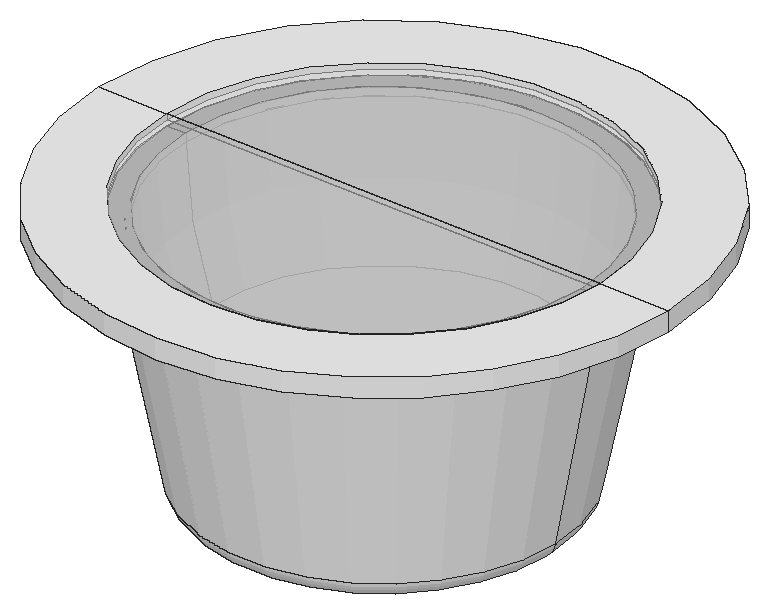
Revit family "2060545+2028034 Sylvania Lighting Fixture ASCENT 100 II ARCH 1000 4K STD 160 with IP44 Clear Glass", category Lighting Fixtures, host Face, Revit 2016
Family settings
  Host = Face
  Part Type = Normal
  Round Connector Dimension = Use Diameter
  OmniClass Number = 23.80.70.11.17
  OmniClass Title = Specialized Lighting by Location or Use
  Cut with Voids When Loaded = No
  Light Source = Yes
  Shared = No
  Room Calculation Point = No
Parameters (values of type "2060545+2028034 ASCT100 II ARCH 1000 4K STD 160 with IP44 Clear Glass")
  WidthBezelAcc_SYL = 25.0 mm
  Weight = "1.2 kg"
  Wattage = 7 W
  WarrantyStartDate [instance] = "n/a"
  WarrantyGuarantorParts = "n/a"
  WarrantyDurationUnit = "n/a"
  WarrantyDurationParts = "n/a"
  WarrantyDescription = "n/a"
  built-in parameter 1150110 = 1 (stored number, unit not read)
  Voltage = 0 V
  VisibilityAccessory_SYL = yes
  TypeName = "ASCENT 100 II ARCH 1000 4K STD 160"
  built-in parameter 1114217 = 1 (stored number, unit not read)
  Tilt Angle = -90°
  built-in parameter 1150109 = 1 (stored number, unit not read)
  built-in parameter 1150134 = 12
  built-in parameter 1150113 = 1 (stored number, unit not read)
  SerialNumber [instance] = "n/a"
  ReflectorRadius_SYL = Radius_SYL - 14.5 mm  # 80.0 mm
  RadiusAcc_SYL = 105.0 mm
  Radius_SYL = 94.5 mm
  URL = "http://www.sylvania-lighting.com"
  PowerFactor = 0
  PowerConsumption = "7 W"
  Photometric Web File = "2060545.ies"
  NominalWidth = 0.0 mm
  NominalLength = 0.0 mm
  NominalHeight = 94.0 mm
  Name = "ASCENT 100 II ARCH 1000 4K STD 160"
  ModelReference = "ASCENT 100 II ARCH 1000 4K STD 160"
  ModelNumber = "2060545+2028034"
  Material_4_SYL = none
  Material_3_SYL = Polycarbonate_Sylvania_Ascent_Clear
  Material_2_SYL = Aluminium_Sylvania_Ascent_Silver
  Material_1_SYL = Aluminum_Sylvania_Ascent_White
  Material = "aluminium housing, arcylic diffuser"
  ManufacturerName = "Feilo Sylvania"
  LuminousEfficacy = "144 lm/W"
  built-in parameter 1150105 = 80.214 (stored number, unit not read)
  Lumens = 1008 lm
  LuminaireType = ""
  built-in parameter 1150115 = 1 (stored number, unit not read)
  LightOutputRatio = "100"
  built-in parameter 1150137 = (empty or 0)
  built-in parameter 1150139 = (empty or 0)
  LampsType = Lamp  # "LED"
  LampNominalLuminous = "1009 lm"
  LampMacAdamStep = "3"
  LampColourTemperature = "4000 K"
  LampColourRenderingIndex = "80"
  built-in parameter 1150112 = 1 (stored number, unit not read)
  built-in parameter 1150114 = 1 (stored number, unit not read)
  Keynote = "16500"
  InstallationDate [instance] = "n/a"
  InputVoltage = "n/a"
  InputNominalFrequency = "n/a"
  built-in parameter 1150132 = (empty or 0)
  built-in parameter 1150102 = (empty or 0)
  built-in parameter 1150107 = 4000 (stored number, unit not read)
  built-in parameter 1150138 = (empty or 0)
  IngressProtection = "IP44"
  ImpactProtectionIndex = "IK02"
  built-in parameter 1150106 = 0.80214 (stored number, unit not read)
  IfcExportType = "IfcLightFixtureType"
  IfcExportAs = "IfcLightFixtureType"
  Height_SYL = 94.0 mm
  HeightAcc_SYL = 7.0 mm
  ExpectedLife = 50000
  EmittionSurface_SYL = if(VisibilityAccessory_SYL, 7.0 mm, 3.0 mm)  # 7.0 mm
  Emit from Circle Diameter = DiffuserRadius_SYL * 2  # 146.0 mm
  Emit Shape Visible in Rendering = no
  ElectricShockClassification = "Class II"
  built-in parameter 1150104 = 13.378 (stored number, unit not read)
  DurationUnit = "hours"
  DocumentationLiterature = "http://www.sylvania-lighting.com/product/en-int/products/2060545"
  DimmingControlOptions = "n/a"
  Dimming Lamp Color Temperature Shift = <None>
  DiffuserRadius_SYL = ReflectorRadius_SYL - 7.0 mm  # 73.0 mm
  Diameter_SYL = 2 * Radius_SYL  # 189.0 mm
  CutoutDiameter_SYL = Diameter_SYL - 13.0 mm  # 176.0 mm
  CreatedOn = "9/17/2018"
  CreatedBy = "@sylvania-lighting.com"
  Color Filter = 16777215
  built-in parameter 1114216 [instance] = 1 (stored number, unit not read)
  Model = "ASCENT 100 II ARCH 1000 4K STD 160"
  Manufacturer = "Feilo Sylvania"
  Lamp = "LED"
  Description = "Direct LED retro fit for original LED 100 Arch (160) single CFL lamp offering Matching lumen levels and improved light distribution of original LED 100 CFL lamp equivalents Typically half the power consumption compared to CFL Up to 112lm/W 160mm aperture Architectural reflector accepts range of glass accessories from existing LED 100 Arch 160 offering HE, HO and VHO versions equivalent of single 1 x 18W, 1 x 32W, 1 x 42W\r\n Additional VVHO versions which offer the performance circa 2 x 32W equivalent"  # constant formula
  Default Elevation = 0.0 mm
  built-in parameter 1140040 [instance] = 1
  BarCode [instance] = "n/a"
  built-in parameter 1114218 = 1 (stored number, unit not read)
  built-in parameter 1150133 = 10 (stored number, unit not read)
  AssetType = "Fixed"
  AssetIdentifier [instance] = "n/a"
  Assembly Code = "D5020200"
  Apparent Load = 7 VA
  Aperture_SYL = 2 * ReflectorRadius_SYL  # 160.0 mm
Reference planes
  plane 1 "Center (Front/Back)": y = 0
  plane 2: z = 0
  plane 3 "Center (Left/Right)": x = 0
  plane 4 "Fixture Bottom": z = 3
  plane 5: z = -52.5
  plane 6 "Fixture Top": z = -91
  plane 7: x = -105
  plane 8: z = 7
  plane 9: x = -80
  plane 10: z = 5
  plane 11: x = -103
Forms (mm)
  Extrusion 1, solid, material "Aluminum_Sylvania_Ascent_White", detail levels fine
    sketch origin (0, 0, 0) x (1, 0, 0) y (0, 1, 0)
      loop
        circle (0, 0) r 94.5
      loop
        circle (0, 0) r 80
    from 0 to 3
  Extrusion 2, void
    sketch origin (0, 0, 0) x (1, 0, 0) y (0, 1, 0)
      loop
        circle (0, 0) r 88
    from -91 to 3
  Revolve 3, solid, material "Aluminum_Sylvania_Ascent_White" <- "Material_1_SYL", detail levels fine
    sketch origin (0, 0, 0) x (1, 0, 0) y (0, 0, 1)
      loop
        line (0, -91.073) -> (0, -89.023) -> (-55.468, -89.014)
        arc (-55.468, -89.014) -> (-59.352, -87.613) -> (-61.54, -84.139) r 6.307
        line (-61.54, -84.139) -> (-77.991, -2.844) -> (-77.991, 0) -> (-80, 0) -> (-80, -3) -> (-63.5, -84.536)
        arc (-63.5, -84.536) -> (-60.643, -89.203) -> (-55.5, -91.073) r 8.291
        line (-55.5, -91.073) -> (0, -91.073)
      axis (0, 0) -> (0, -91.073)
    angle from 0 to 360
  Revolve 4, solid, material "Aluminium_Sylvania_Ascent_Silver" <- "Material_2_SYL", detail levels fine
    sketch origin (0, 0, 0) x (1, 0, 0) y (0, 0, 1)
      loop
        line (-80, 3) -> (-80, 0) -> (-75, 0)
        arc (-75, 0) -> (-72.349, -26.77) -> (-64.5, -52.5) r 136.5
        line (-64.5, -52.5) -> (-58, -52.5)
        arc (-58, -52.5) -> (-56.857, -61.521) -> (-53.5, -69.971) r 36.166
        line (-53.5, -69.971) -> (0, -69.971) -> (0, -50.5) -> (-63.16, -50.5)
        arc (-63.16, -50.5) -> (-70.517, -25.725) -> (-73, 0) r 134.5
        line (-73, 0) -> (-73, 3) -> (-80, 3)
      axis (0, 3) -> (0, -69.971)
    angle from 0 to 360
  Extrusion 5, solid, material "Polycarbonate_Sylvania_Ascent_Clear" <- "Material_3_SYL", detail levels fine
    sketch origin (0, 0, 0) x (1, 0, 0) y (0, 1, 0)
      loop
        circle (0, 0) r 73
    from 0 to 3
  Revolve 6, solid, material "Aluminum_Sylvania_Ascent_White" <- "Material_1_SYL", detail levels coarse+medium
    sketch origin (0, 0, 0) x (1, 0, 0) y (0, 0, 1)
      loop
        line (0, -91.073) -> (0, 3) -> (-94.5, 3) -> (-94.5, 0) -> (-79.5, 0) -> (-79.5, -3) -> (-63, -84.536)
        arc (-63, -84.536) -> (-60.143, -89.203) -> (-55, -91.073) r 8.291
        line (-55, -91.073) -> (0, -91.073)
      axis (0, 3) -> (0, -91.073)
    angle from 0 to 360
  Revolve 7, solid, material "Aluminum_Sylvania_Ascent_White" <- "Material_1_SYL", visible <- "VisibilityAccessory_SYL"
    sketch origin (0, 0, 0) x (1, 0, 0) y (0, 0, 1)
      loop
        line (-105, 0) -> (-103, 0) -> (-103, 5) -> (-80, 5) -> (-80, 7) -> (-105, 7) -> (-105, 0)
      axis (0, 7) -> (0, 0)
    angle from 0 to 360
  Revolve 8, solid, material "Polycarbonate_Sylvania_Ascent_Clear" <- "Material_3_SYL", visible <- "VisibilityAccessory_SYL"
    sketch origin (0, 0, 0) x (1, 0, 0) y (0, 0, 1)
      loop
        line (-80, 7) -> (-80, 5) -> (0, 5) -> (0, 7) -> (-80, 7)
      axis (0, 7) -> (0, 5)
    angle from 0 to 360
Lines and regions (mm)
  reference lines
    curve 1: line (-150, 0, 7) -> (125, 0, 7)
Dimensions and locks
  locked: plane 4 "Fixture Bottom" to plane 2 at 3
  "Height_SYL": plane 4 "Fixture Bottom" to plane 6 "Fixture Top"
  "ReflectorRadius_SYL": plane 3 "Center (Left/Right)" to Revolve 4 sketch curve
  locked: Revolve 4 sketch curve to Revolve 4 sketch curve at 15.5
  locked: Revolve 4 sketch curve to Revolve 4 sketch curve at 5
  locked: Revolve 4 sketch curve to Revolve 4 sketch curve at 7
  locked: Revolve 4 sketch curve to Revolve 4 sketch curve at 22
  locked: Revolve 4 sketch curve to Revolve 4 sketch curve at 26.5
  locked: Revolve 3 sketch curve to Revolve 3 sketch curve at 16.5
  locked: Revolve 3 sketch curve to Revolve 3 sketch curve at 24.5
  "ReflectorRadius_SYL": Revolve 3 sketch curve to plane 3 "Center (Left/Right)"
  locked: Revolve 3 sketch curve to plane 6 "Fixture Top" at 6.464
  locked: plane 2 to Revolve 3 sketch curve at 3
  locked: Revolve 3 sketch curve to Revolve 3 sketch curve at 2
  locked: Revolve 3 sketch curve to Revolve 3 sketch curve at 2.009
  locked: plane 2 to plane 5 at 52.5
  locked: Revolve 6 sketch curve to Revolve 6 sketch curve at 31.5
  locked: Revolve 6 sketch curve to Revolve 6 sketch curve at 39.5
  locked: Revolve 6 sketch curve to Revolve 6 sketch curve at 15
  "Radius_SYL": plane 3 "Center (Left/Right)" to Revolve 6 sketch curve
  "RadiusAcc_SYL": plane 3 "Center (Left/Right)" to plane 7
  "HeightAcc_SYL": plane 8 to level
  "WidthBezelAcc_SYL": plane 7 to plane 9
  locked: plane 7 to plane 11 at 2
  locked: plane 8 to plane 10 at 2
  "EmittionSurface_SYL": curve 1 to level
  "CutoutDiameter_SYL": diameter of Extrusion 2 sketch curve
  "ReflectorRadius_SYL": radius of Extrusion 1 sketch curve
  "DiffuserRadius_SYL": radius of Extrusion 5 sketch curve
  "Radius_SYL": radius of Extrusion 1 sketch curve
  aligned and locked: host face to plane 2
  aligned and locked: host face to level
  aligned and locked: plane 4 "Fixture Bottom" to Extrusion 1
  aligned and locked: Extrusion 1 to plane 2
  aligned and locked: Revolve 3 sketch curve to plane 3 "Center (Left/Right)"
  aligned and locked: Revolve 4 sketch curve to plane 3 "Center (Left/Right)"  (x2)
  aligned and locked: plane 4 "Fixture Bottom" to Revolve 4 sketch curve
  aligned and locked: Extrusion 5 to plane 2
  aligned and locked: plane 2 to Revolve 3 sketch curve  (x2)
  aligned and locked: Revolve 6 sketch curve to plane 3 "Center (Left/Right)"
  aligned and locked: plane 6 "Fixture Top" to Extrusion 2
  aligned and locked: Revolve 7 sketch curve to plane 3 "Center (Left/Right)"
  aligned and locked: host face to Revolve 7 sketch curve  (x2)
  aligned and locked: Revolve 7 sketch curve to plane 7
  aligned and locked: plane 8 to Revolve 7 sketch curve
  aligned and locked: plane 9 to Revolve 7 sketch curve
  aligned and locked: Revolve 7 sketch curve to plane 10
  aligned and locked: plane 11 to Revolve 7 sketch curve
  aligned and locked: Revolve 7 to Revolve 8 sketch curve
  aligned and locked: Revolve 8 sketch curve to Revolve 7  (x2)
  aligned and locked: Revolve 8 sketch curve to plane 3 "Center (Left/Right)"  (x2)
  aligned and locked: plane 3 "Center (Left/Right)" to imposter light
  aligned and locked: imposter light to plane 1 "Center (Front/Back)"
  aligned and locked: imposter light to curve 1
Automatic sketch dimensions
  plane 1 "Center (Front/Back)" to Extrusion 2 sketch curve = 0.0 mm
  Extrusion 2 sketch curve to plane 3 "Center (Left/Right)" = 0.0 mm
  Extrusion 1 sketch curve to Extrusion 1 sketch curve = 0.0 mm  (x2)
  plane 1 "Center (Front/Back)" to Extrusion 1 sketch curve = 0.0 mm
  Extrusion 1 sketch curve to plane 3 "Center (Left/Right)" = 0.0 mm
  plane 6 "Fixture Top" to Revolve 3 sketch curve = 0.073 mm
  Revolve 3 sketch curve to plane 6 "Fixture Top" = 6.861 mm
  Revolve 3 sketch curve to Revolve 3 sketch curve = 0.003 mm
  Revolve 3 sketch curve to Revolve 3 sketch curve = 0.009 mm  (x2)
  Revolve 3 sketch curve to Revolve 3 sketch curve = 0.023 mm
  Revolve 3 sketch curve to Revolve 3 sketch curve = 0.072 mm
  Revolve 3 sketch curve to Revolve 3 sketch curve = 0.008 mm
  Revolve 3 sketch curve to plane 6 "Fixture Top" = 1.977 mm
  Revolve 3 sketch curve to Revolve 3 sketch curve = 33.496 mm
  Revolve 3 sketch curve to Revolve 3 sketch curve = 0.028 mm
  plane 4 "Fixture Bottom" to Revolve 3 sketch curve = 82.431 mm
  Revolve 4 sketch curve to Revolve 4 sketch curve = 0.0 mm  (x2)
  Revolve 4 sketch curve to plane 5 = 0.0 mm
  Revolve 4 sketch curve to level = 0.0 mm
  plane 5 to Revolve 4 sketch curve = 2.0 mm
  plane 4 "Fixture Bottom" to Revolve 4 sketch curve = 9.642 mm
  plane 1 "Center (Front/Back)" to Extrusion 5 sketch curve = 0.0 mm
  Extrusion 5 sketch curve to plane 3 "Center (Left/Right)" = 0.0 mm
  Revolve 4 sketch curve to level = 69.971 mm
  Revolve 4 sketch curve to Revolve 4 sketch curve = 2.387 mm
  Revolve 6 sketch curve to level = 0.0 mm
  Revolve 6 sketch curve to plane 3 "Center (Left/Right)" = 0.0 mm
  Revolve 6 sketch curve to Revolve 6 sketch curve = 8.104 mm
  Revolve 6 sketch curve to level = 3.0 mm
  Revolve 6 sketch curve to plane 6 "Fixture Top" = 6.464 mm
  plane 6 "Fixture Top" to Revolve 6 sketch curve = 0.073 mm
  Revolve 6 sketch curve to Revolve 6 sketch curve = 33.496 mm
  plane 4 "Fixture Bottom" to Revolve 6 sketch curve = 82.431 mm
  host sketch curve to host sketch curve = 1704.996 mm
  host sketch curve to host sketch curve = 1500.0 mm
  plane 6 "Fixture Top" to Revolve 7 sketch curve = 281.274 mm
  Revolve 7 sketch curve to plane 8 = 1140.706 mm
  plane 6 "Fixture Top" to Revolve 8 sketch curve = 281.274 mm
  Revolve 8 sketch curve to Revolve 8 sketch curve = 1140.706 mm
  Revolve 3 sketch curve to plane 3 "Center (Left/Right)" = 0.0 mm
  Revolve 6 sketch curve to plane 4 "Fixture Bottom" = 0.0 mm
  plane 7 to curve 1 = 45.0 mm
  plane 3 "Center (Left/Right)" to curve 1 = 125.0 mm
Connectors
  electrical at (0, 0, -91.073), driven by "Apparent Load"
    settings: on Revolve 3, index 1, voltage 240 V, apparent load 0 VA, apparent load phase1 7 VA, apparent load phase2 0 VA, apparent load phase3 0 VA, power factor 1, load classification "Lighting", number of poles 1, system type 31, power factor state 1, is connector primary yes, connector utility no, sub classification motor no, connector description ""
